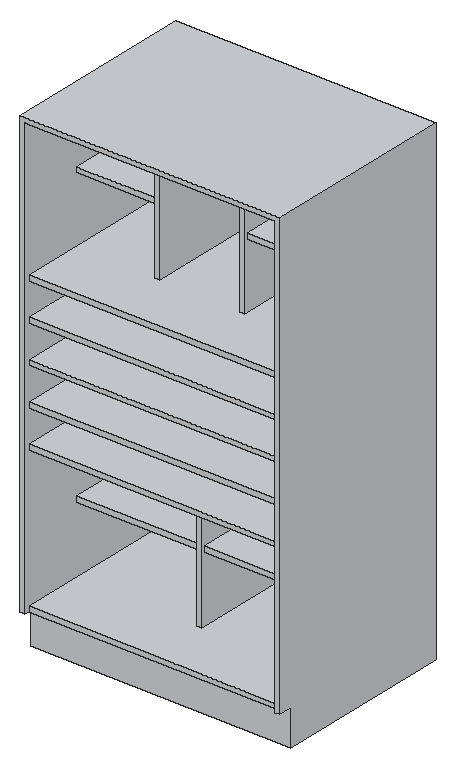
Revit family "Poster Storage Cabinet", category Furniture, Revit 2011
Parameters (values of type "Standard Cabinet #60")
  URL = "http://www.wengercorp.com/Home/Contact.html"
  Toekick Material [instance] = none
  RH End Panel [instance] = no
  Model = "60"
  Manufacturer = "Wenger Corporation"
  LH End Panel [instance] = no
  End Panel Material [instance] = none
  Edge Banding Material [instance] = none
  Door Material [instance] = none
  Description = "Standard Cabinet #60"
  Cabinet Width = 1' - 6 3/4"
  Cabinet Label = Labels : Standard
  Cabinet Height = 3' - 2 5/16"
  Cabinet Depth = 2' - 5 1/4"
  Cabinet Back Thickness = 0' - 0 3/4"
  Assembly Code = ""
Types (4): name | Model | Description | Cabinet Width | Cabinet Label | Cabinet Depth | Cabinet Back Thickness
  Standard Cabinet #60 | "60" | "Standard Cabinet #60" | 1' - 6 3/4" | Labels : Standard | 2' - 5 1/4" | 0' - 0 3/4"
  Acoustic Cabinet #60 | "60A" | "Acoustic Cabinet #60" | 1' - 6 3/4" | Labels : Acoustic | 2' - 7 3/4" | 0' - 3 1/4"
  Narrow Acoustic Cabinet #60 | "60NA" | "Narrow Acoustic Cabinet #60" | 1' - 2 3/4" | Labels : Narrow Acoustic | 2' - 7 3/4" | 0' - 3 1/4"
  Narrow Cabinet #60 | "60N" | "Narrow Cabinet #60" | 1' - 2 3/4" | Labels : Narrow | 2' - 5 1/4" | 0' - 0 3/4"
Reference planes (in)
  plane 1 "Front": y = -12.6937
  plane 2: z = 0
  plane 3 "Left": x = -1.13898
  plane 4 "Top": z = 72.25
  plane 5: z = 5.5
  plane 6: x = 23.9452
  plane 7: x = 24.6952
  plane 8: x = -1.88898
  plane 9: x = 36.86813
  plane 10: z = 28.2636
  plane 11: y = -11.9437
  plane 12: y = 16.8063
  plane 13: z = 73
  plane 14: z = 51.28941
  plane 15: z = 50.53941
  plane 16 "Right Work Plane": x = 37.61813
  plane 17: y = 16.0563
  plane 18: z = 6.25
  plane 19: z = 27.5136
  plane 20: z = 62.0625
  plane 21: z = 61.3125
  plane 22: z = 45.53941
  plane 23: z = 44.78941
  plane 24: z = 17.2615
  plane 25: z = 16.5115
  plane 26: z = 34.02394
  plane 27: z = 33.27394
  plane 28: z = 39.02394
  plane 29: z = 39.77394
  plane 30: y = -10.6937
  plane 31: y = -2.4437
  plane 32: y = -2.9437
  plane 33: x = 11.0077
  plane 34: x = 11.7577
  plane 35: z = 66.25
  plane 36: z = 65.5
  plane 37: x = 17.4811
  plane 38: x = 18.2311
Forms (in)
  Extrusion 1, solid
    sketch origin (-2.63258, 0, 0) x (0, 1, 0) y (0, 0, 1)
      loop
        line (16.8063, 73) -> (-12.6937, 73) -> (-12.6937, 5.5) -> (-10.6937, 5.5) -> (-10.6937, 0) -> (16.8063, 0) -> (16.8063, 73)
    from 0.74716 to 40.24716
  Extrusion 2, void
    sketch origin (37.61813, 0, 0) x (0, 1, 0) y (0, 0, 1)
      loop
        line (-23.6937, 5.5) -> (-11.9437, 5.5) -> (-11.9437, 6.25) -> (16.0563, 6.25) -> (16.0563, 16.5115) -> (-2.9437, 16.5115) -> (-2.9437, 17.2615) -> (16.0563, 17.2615) -> (16.0563, 27.5136) -> (-11.9437, 27.5136) -> (-11.9437, 28.2636) -> (-23.6937, 28.2636) -> (-23.6937, 5.5)
    from -38.7571 to -20.13702
  Extrusion 3, void
    sketch origin (37.61813, 0, 0) x (0, 1, 0) y (0, 0, 1)
      loop
        line (-22.6937, 28.2636) -> (-22.6937, 5.5) -> (-11.9437, 5.5) -> (-11.9437, 6.25) -> (16.0563, 6.25) -> (16.0563, 16.5115) -> (-2.9437, 16.5115) -> (-2.9437, 17.2615) -> (16.0563, 17.2615) -> (16.0563, 27.5136) -> (-11.9437, 27.5136) -> (-11.9437, 28.2636) -> (-22.6937, 28.2636)
    from -19.38702 to -0.75
  Extrusion 4, void
    sketch origin (37.61813, 0, 0) x (0, 1, 0) y (0, 0, 1)
      loop
        line (-21.4437, 28.2636) -> (16.0563, 28.2636) -> (16.0563, 33.27394) -> (-11.9437, 33.27394) -> (-11.9437, 34.02394) -> (16.0563, 34.02394) -> (16.0563, 39.02394) -> (-11.9437, 39.02394) -> (-11.9437, 39.77394) -> (16.0563, 39.77394) -> (16.0563, 44.78941) -> (-11.9437, 44.78941) -> (-11.9437, 45.53941) -> (16.0563, 45.53941) -> (16.0563, 50.53941) -> (-11.9437, 50.53941) -> (-11.9437, 51.28941) -> (-21.4437, 51.28941) -> (-21.4437, 28.2636)
    from -38.7571 to -0.75
  Extrusion 5, void
    sketch origin (37.61813, 0, 0) x (0, 1, 0) y (0, 0, 1)
      loop
        line (-22.6937, 51.28941) -> (16.0563, 51.28941) -> (16.0563, 61.3125) -> (-2.9437, 61.3125) -> (-2.9437, 62.0625) -> (16.0563, 62.0625) -> (16.0563, 72.25) -> (-11.9437, 72.25) -> (-22.6937, 72.25) -> (-22.6937, 51.28941)
    from -38.7571 to -26.61043
  Extrusion 6, void
    sketch origin (37.61813, 0, 0) x (0, 1, 0) y (0, 0, 1)
      loop
        line (-16.6937, 5.5) -> (-11.9437, 5.5) -> (-11.9437, 6.25) -> (-3.2519, 6.25) -> (-3.2519, 27.5136) -> (-11.9437, 27.5136) -> (-11.9437, 28.2636) -> (-16.6937, 28.2636) -> (-16.6937, 5.5)
    from -20.13702 to -19.38702
  Extrusion 7, void
    sketch origin (37.61813, 0, 0) x (0, 1, 0) y (0, 0, 1)
      loop
        line (-24.6937, 51.28941) -> (16.0563, 51.28941) -> (16.0563, 65.5) -> (-2.9437, 65.5) -> (-2.9437, 66.25) -> (16.0563, 66.25) -> (16.0563, 72.25) -> (-24.6937, 72.25) -> (-24.6937, 51.28941)
    from -25.86043 to -13.67293
  Extrusion 8, void
    sketch origin (37.61813, 0, 0) x (0, 1, 0) y (0, 0, 1)
      loop
        line (-19.6937, 51.28941) -> (16.0563, 51.28941) -> (16.0563, 61.3125) -> (-2.9437, 61.3125) -> (-2.9437, 62.0625) -> (16.0563, 62.0625) -> (16.0563, 72.25) -> (-19.6937, 72.25) -> (-19.6937, 51.28941)
    from -12.92293 to -0.75
  Extrusion 9, void
    sketch origin (37.61813, 0, 0) x (0, 1, 0) y (0, 0, 1)
      loop
        line (-15.6937, 51.28941) -> (-3.1937, 51.28941) -> (-3.1937, 72.25) -> (-15.6937, 72.25) -> (-15.6937, 51.28941)
    from -26.61043 to -25.86043
  Extrusion 10, void
    sketch origin (37.61813, 0, 0) x (0, 1, 0) y (0, 0, 1)
      loop
        line (-18.6937, 51.28941) -> (-3.1937, 51.28941) -> (-3.1937, 72.25) -> (-18.6937, 72.25) -> (-18.6937, 51.28941)
    from -13.67293 to -12.92293
Cuts and joins
  Extrusion 2, Extrusion 3, Extrusion 4, Extrusion 5, Extrusion 6, Extrusion 7, Extrusion 8, Extrusion 9, Extrusion 10 cuts Extrusion 1
Dimensions and locks (in)
  plane 4 "Top" to level = 6' - 0 1/4"
  locked: plane 3 "Left" to plane 8 at 0.75
  plane 5 to level = 0' - 5 1/2"
  level to plane 4 "Top" = 6' - 0 1/4"
  plane 9 to plane 7 = 1' - 0.17293"
  plane 6 to plane 3 "Left" = 2' - 1.08418"
  plane 16 "Right Work Plane" to plane 8 = 3' - 3.5071"
  Extrusion 1 to Extrusion 1 = 3' - 3 1/2"  (x2)
  plane 9 to plane 16 "Right Work Plane" = 0' - 0 3/4"
  plane 3 "Left" to plane 7 to plane 16 "Right Work Plane" = 2' - 1.83418", 1' - 0.92293"
  Extrusion 1 to Extrusion 1 = 2' - 5 1/2"
  locked: Extrusion 1 to Extrusion 1 at 73
  plane 13 to plane 20 to plane 14 to plane 22 = 0' - 10 15/16", 0' - 10.77309", 0' - 5 3/4"
  plane 13 to plane 22 = 2' - 3.46059"
  plane 26 to plane 10 to plane 24 to plane 18 = 0' - 5.76035", 0' - 11.0021", 0' - 11.0115"
  plane 29 to plane 26 = 0' - 5 3/4"
  plane 22 to plane 29 = 0' - 5.76547"
  locked: plane 31 to plane 12 at 19.25
  locked: plane 34 to plane 33 at 0.75
  locked: plane 7 to plane 6 at 0.75
  locked: plane 16 "Right Work Plane" to plane 9 at 0.75
  plane 16 "Right Work Plane" to plane 7 to plane 34 to plane 3 "Left" = 1' - 0.92293", 1' - 0 15/16", 1' - 0.89668"
  locked: Extrusion 1 to Extrusion 1 at 29.5
  plane 13 to plane 20 to plane 14 to plane 22 to plane 29 to plane 26 to plane 10 to plane 24 to plane 18 = 0' - 10 15/16", 0' - 10.77309", 0' - 5 3/4", 0' - 5.76547", 0' - 5 3/4", 0' - 5.76035", 0' - 11.0021", 0' - 11.0115"
  plane 13 to plane 35 = 0' - 6 3/4"
  plane 7 to plane 38 to plane 34 = 0' - 6.4641", 0' - 6.4734"
Nested families (in)
  nested 1: "Labels" at (18.09236, 5.84943, 0), type "Acoustic"
  nested 2: "Front Note" at (17.57416, -10.46037, 0), type "Front Note", detail levels medium+fine
Definition of nested family "Labels"
  Parameters (values of type "Standard")
    Cabinet Label = "01"
  Types (4): name | Cabinet Label
    Standard | "01"
    Narrow | "01N"
    Narrow Acoustic | "01NA"
    Acoustic | "01A"
  Reference planes (in)
    plane 1: y = 0
    plane 2: x = 0
  Text (in)
    label "xxxx" at (-0.00018, 0.00754, 0), shows "Cabinet Label"
Definition of nested family "Front Note"
  Parameters (values of type "Front Note")
    Cabinet Label = "Front"
  Reference planes (in)
    plane 1: y = 0
    plane 2: x = 0
  Text (in)
    label "Front" at (-0.00018, 0.00754, 0), shows "Cabinet Label"
